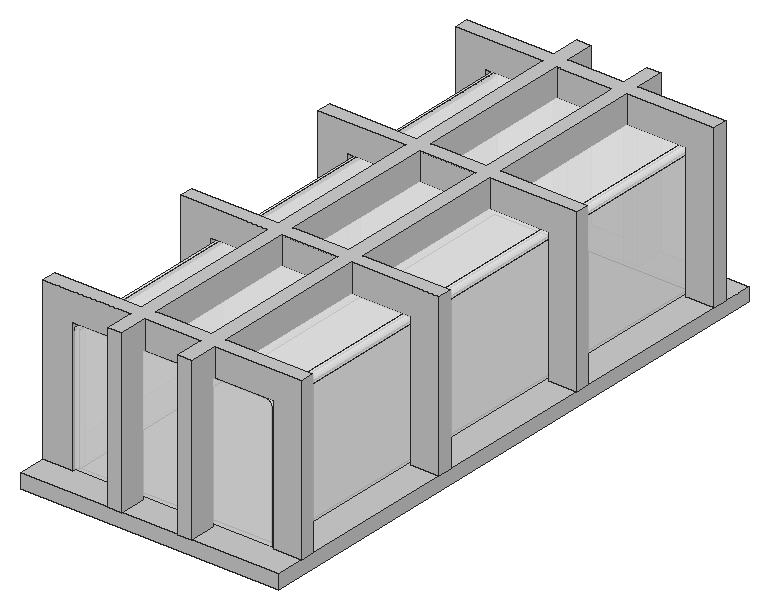
Revit family "2-710-224 Telshor", category Lighting Fixtures, Revit 2014
Parameters
  Wattage = 12.1986 W
  built-in parameter 1150110 = 1 (stored number, unit not read)
  URL = "http://www.oxygenlighting.com"
  Type Comments = "Lighting - Fluorescent"
  built-in parameter 1114217 = 1 (stored number, unit not read)
  Tilt Angle = -90.00°
  built-in parameter 1150109 = 1 (stored number, unit not read)
  built-in parameter 1150134 = (empty or 0)
  built-in parameter 1150113 = 1 (stored number, unit not read)
  Product Documentation Linkk = "http://oxygenlighting.com.s3.amazonaws.com/downloads/cutsheets/2-710-xxx.pdf"
  Photometric Web File = "2-710-224 Telshor ITL79825.IES"
  Model = "2-710-224"
  Metal Finsih = Satin Finish
  Manufacturer = "Oxygen Lighting"
  built-in parameter 1150105 = 144.19 (stored number, unit not read)
  Lumens = 1812 lm
  built-in parameter 1150115 = 1 (stored number, unit not read)
  built-in parameter 1150137 = (empty or 0)
  built-in parameter 1150139 = (empty or 0)
  built-in parameter 1150112 = 1 (stored number, unit not read)
  Lamp Manufacturer = "Sylvania"
  built-in parameter 1150114 = 1 (stored number, unit not read)
  Lamp = "2x13W Double Twin Tube Compact Fluorescent"
  Junction Box = "4\" Octagonal"
  Input Voltage (Volts AC) = "120"
  Input Power Factor (%) = "99"
  Input Power (Watts) = "27.5"
  Input Current (Amps AC) = ""
  built-in parameter 1150132 = 2
  built-in parameter 1150102 = (empty or 0)
  built-in parameter 1150107 = 3000 (stored number, unit not read)
  built-in parameter 1150138 = (empty or 0)
  built-in parameter 1150106 = 1.4419 (stored number, unit not read)
  Fixture Width [instance] = 0' - 7.24997"
  Fixture Height = 1' - 4.45938"
  Emit from Rectangle Width = 2' - 0"
  Emit from Rectangle Length = 4' - 0"
  Emit Shape Visible in Rendering = no
  Efficacy (lm/W) = ""
  built-in parameter 1150104 = 13.8 (stored number, unit not read)
  Driver Manufacturer = "Fulham"
  Dimming Lamp Color Temperature Shift = <None>
  Diffuser = Matte White Accrylic
  Description = "15\" Comtemporary Wall Sconce"
  Default Elevation = 4' - 0"
  Color Filter = 16777215
  built-in parameter 1114218 = 1 (stored number, unit not read)
  built-in parameter 1150133 = 10 (stored number, unit not read)
  Apparent Load = 27.5 VA
  ADA Compliant = yes
Reference planes (in)
  plane 1 "Light Source Axis (F/B)": y = 0
  plane 2: z = 0
  plane 3 "Light Source Axis (L/R)": x = 0
  plane 4 "Light Source Elevation": z = 3.75
  plane 5: z = 3.75
  plane 6: y = 8.22969
  plane 7: y = -8.22969
  plane 8: x = -3.62498
  plane 9: x = 3.62498
  plane 10: z = 4.89862
  plane 11: z = 3.75
  plane 12: y = 8.22969
  plane 13: y = -8.22969
  plane 14: x = -3.62498
  plane 15: x = 3.62498
  plane 16: z = 4.89862
Forms (in)
  Extrusion 1, solid, material "Satin Finish" <- "Metal Finsih", not visible
    sketch origin (0, 0, 0) x (0, 1, 0) y (0, 0, 1)
      loop
        line (-8.47884, 1.71875) -> (-8.47884, 0.34375) -> (-7.10384, 0.34375) -> (-7.10384, 1.09375) -> (-8.21875, 1.09375) -> (-8.21875, 1.21875) -> (-7.10384, 1.21875) -> (-7.10384, 1.71875) -> (-8.47884, 1.71875)
    from -0.6875 to 0.6875
  Extrusion 2, solid, material "Satin Finish" <- "Metal Finsih", not visible
    sketch origin (0, 0, 0) x (1, 0, 0) y (0, 1, 0)
      loop
        line (-6.8125, 4.40625) -> (-6.8125, -8.21875) -> (-0.12438, -8.21875) -> (6.8125, -8.21875) -> (6.8125, 4.40625) -> (4.8125, 4.40625) -> (4.8125, -6.34375) -> (-4.8125, -6.34375) -> (-4.8125, 4.40625) -> (-6.8125, 4.40625)
    from 1.125 to 1.1875
  Extrusion 3, solid, material "Matte White Accrylic" <- "Diffuser", not visible
    sketch origin (0, 0, 0) x (1, 0, 0) y (0, 0, 1)
      loop
        line (4.8125, 0) -> (4.9375, 0) -> (4.9375, 3.75) -> (-4.9375, 3.75) -> (-4.9375, 0) -> (-4.8125, 0) -> (-4.8125, 3.625) -> (4.8125, 3.625) -> (4.8125, 0)
    from -6.40625 to 6.34375
  Extrusion 4, solid, not visible
    sketch origin (0, 0, 0) x (1, 0, 0) y (0, 0, 1)
      loop
        line (4.3125, 0.0625) -> (4.3125, 3.0625) -> (-4.3125, 3.0625) -> (-4.3125, 0.0625) -> (4.3125, 0.0625)
      loop
        line (3.9375, 2.6875) -> (-3.9375, 2.6875) -> (-3.9375, 2.5) -> (3.9375, 2.5) -> (3.9375, 2.6875)
      loop
        line (3.9375, 2) -> (-3.9375, 2) -> (-3.9375, 1.8125) -> (3.9375, 1.8125) -> (3.9375, 2)
      loop
        line (3.9375, 1.3125) -> (-3.9375, 1.3125) -> (-3.9375, 1.125) -> (3.9375, 1.125) -> (3.9375, 1.3125)
      loop
        line (3.9375, 0.625) -> (-3.9375, 0.625) -> (-3.9375, 0.4375) -> (3.9375, 0.4375) -> (3.9375, 0.625)
    from -5.59375 to -5.46875
  Extrusion 5, solid, material "Satin Finish" <- "Metal Finsih", not visible
    sketch origin (0, 0, 0) x (0, 1, 0) y (0, 0, 1)
      loop
        line (3.53125, 1.125) -> (2.6612, 1.125) -> (2.6612, 0) -> (3.53125, 0) -> (3.53125, 1.125)
      loop
        line (-4.34375, 1.125) -> (-5.23315, 1.125) -> (-5.23315, 0) -> (-4.34375, 0) -> (-4.34375, 1.125)
    from 4.9375 to 5
  Extrusion 6, solid, material "Satin Finish" <- "Metal Finsih", not visible
    sketch origin (0, 0, 0) x (0, 1, 0) y (0, 0, 1)
      loop
        circle (3.09375, 0.34386) r 0.11795
      loop
        circle (-4.78125, 0.34386) r 0.11795
    from 5 to 5.27859
  Extrusion 7, solid, material "Satin Finish" <- "Metal Finsih", not visible
    sketch origin (0, 0, 0) x (0, 1, 0) y (0, 0, -1)
      loop
        line (3.53125, -1.125) -> (3.53125, 0) -> (2.6612, 0) -> (2.6612, -1.125) -> (3.53125, -1.125)
      loop
        line (-4.34375, -1.125) -> (-4.34375, 0) -> (-5.23315, 0) -> (-5.23315, -1.125) -> (-4.34375, -1.125)
    from 4.9375 to 5
  Extrusion 8, solid, material "Satin Finish" <- "Metal Finsih", not visible
    sketch origin (0, 0, 0) x (0, 1, 0) y (0, 0, -1)
      loop
        circle (3.09375, -0.34386) r 0.11795
      loop
        circle (-4.78125, -0.34386) r 0.11795
    from 5 to 5.27859
  Extrusion 9, solid, material "Satin Finish" <- "Metal Finsih", not visible
    sketch origin (0, 0, 0) x (1, 0, 0) y (0, 0, 1)
      loop
        line (4.71875, 1.125) -> (4.71875, 0.0625) -> (-4.71875, 0.0625) -> (-4.71875, 1.125) -> (-4.78125, 1.125) -> (-4.78125, 0) -> (4.78125, 0) -> (4.78125, 1.125) -> (4.71875, 1.125)
    from -5.53125 to 5.53125
  Extrusion 10, solid, not visible
    sketch origin (0, 0, 0) x (1, 0, 0) y (0, 0, 1)
      loop
        line (4.3125, 0.0625) -> (4.3125, 3.0625) -> (-4.3125, 3.0625) -> (-4.3125, 0.0625) -> (4.3125, 0.0625)
      loop
        line (3.9375, 2.6875) -> (-3.9375, 2.6875) -> (-3.9375, 2.5) -> (3.9375, 2.5) -> (3.9375, 2.6875)
      loop
        line (3.9375, 2) -> (-3.9375, 2) -> (-3.9375, 1.8125) -> (3.9375, 1.8125) -> (3.9375, 2)
      loop
        line (3.9375, 1.3125) -> (-3.9375, 1.3125) -> (-3.9375, 1.125) -> (3.9375, 1.125) -> (3.9375, 1.3125)
      loop
        line (3.9375, 0.625) -> (-3.9375, 0.625) -> (-3.9375, 0.4375) -> (3.9375, 0.4375) -> (3.9375, 0.625)
    from -5.59375 to -5.46875
  Extrusion 11, solid, not visible
    sketch origin (0, 0, 0) x (1, 0, 0) y (0, 0, -1)
      loop
        line (4.3125, -0.0625) -> (-4.3125, -0.0625) -> (-4.3125, -3.0625) -> (4.3125, -3.0625) -> (4.3125, -0.0625)
      loop
        line (3.9375, -2.6875) -> (3.9375, -2.5) -> (-3.9375, -2.5) -> (-3.9375, -2.6875) -> (3.9375, -2.6875)
      loop
        line (3.9375, -2) -> (3.9375, -1.8125) -> (-3.9375, -1.8125) -> (-3.9375, -2) -> (3.9375, -2)
      loop
        line (3.9375, -1.3125) -> (3.9375, -1.125) -> (-3.9375, -1.125) -> (-3.9375, -1.3125) -> (3.9375, -1.3125)
      loop
        line (3.9375, -0.625) -> (3.9375, -0.4375) -> (-3.9375, -0.4375) -> (-3.9375, -0.625) -> (3.9375, -0.625)
    from -5.59375 to -5.46875
  Extrusion 12, solid, material "Satin Finish" <- "Metal Finsih"
    sketch origin (0, 0, 0) x (1, 0, 0) y (0, 0, 1)
      loop
        line (3.62498, 0.39189) -> (3.62498, 4.89862) -> (-3.62498, 4.89862) -> (-3.62498, 0.39189) -> (-2.78242, 0.39189) -> (-2.78242, 4.11484) -> (2.8412, 4.11484) -> (2.8412, 0.39189) -> (3.62498, 0.39189)
    from -7.42632 to -7.03443
  Extrusion 13, solid, material "Satin Finish" <- "Metal Finsih"
    sketch origin (0, -4.82025, 0) x (1, 0, 0) y (0, 0, 1)
      loop
        line (3.62498, 0.39189) -> (3.62498, 4.89862) -> (-3.62498, 4.89862) -> (-3.62498, 0.39189) -> (-2.78242, 0.39189) -> (-2.78242, 4.11484) -> (2.8412, 4.11484) -> (2.8412, 0.39189) -> (3.62498, 0.39189)
    from -7.42632 to -7.03443
  Extrusion 14, solid, material "Satin Finish" <- "Metal Finsih"
    sketch origin (0, -9.64049, 0) x (1, 0, 0) y (0, 0, 1)
      loop
        line (3.62498, 0.39189) -> (3.62498, 4.89862) -> (-3.62498, 4.89862) -> (-3.62498, 0.39189) -> (-2.78242, 0.39189) -> (-2.78242, 4.11484) -> (2.8412, 4.11484) -> (2.8412, 0.39189) -> (3.62498, 0.39189)
    from -7.42632 to -7.03443
  Extrusion 15, solid, material "Satin Finish" <- "Metal Finsih"
    sketch origin (0, -14.46074, 0) x (1, 0, 0) y (0, 0, 1)
      loop
        line (3.62498, 0.39189) -> (3.62498, 4.89862) -> (-3.62498, 4.89862) -> (-3.62498, 0.39189) -> (-2.78242, 0.39189) -> (-2.78242, 4.11484) -> (2.8412, 4.11484) -> (2.8412, 0.39189) -> (3.62498, 0.39189)
    from -7.42632 to -7.03443
  Extrusion 16, solid, material "Satin Finish" <- "Metal Finsih"
    sketch origin (0, 0, 0) x (1, 0, 0) y (0, 1, 0)
      loop
        line (-3.62498, 8.22969) -> (-3.62498, -8.22969) -> (3.62498, -8.22969) -> (3.62498, 8.22969) -> (-3.62498, 8.22969)
    from 0 to 0.39189
  Extrusion 17, solid, material "Satin Finish" <- "Metal Finsih"
    sketch origin (0, 0, 0) x (0, 1, 0) y (0, 0, 1)
      loop
        line (8.22969, 0.39189) -> (8.22969, 4.89862) -> (-8.22969, 4.89862) -> (-8.22969, 0.39189) -> (-7.4851, 0.39189) -> (-7.4851, 4.11485) -> (7.42632, 4.11485) -> (7.42632, 0.39189) -> (8.22969, 0.39189)
    from -1.17567 to -0.78378
  Extrusion 18, solid, material "Satin Finish" <- "Metal Finsih"
    sketch origin (1.95945, 0, 0) x (0, 1, 0) y (0, 0, 1)
      loop
        line (8.22969, 0.39189) -> (8.22969, 4.89862) -> (-8.22969, 4.89862) -> (-8.22969, 0.39189) -> (-7.4851, 0.39189) -> (-7.4851, 4.11485) -> (7.42632, 4.11485) -> (7.42632, 0.39189) -> (8.22969, 0.39189)
    from -1.17567 to -0.78378
  Extrusion 19, solid, material "Matte White Accrylic" <- "Diffuser"
    sketch origin (0, 0, 0) x (1, 0, 0) y (0, 0, 1)
      loop
        arc (2.78242, 3.87971) -> (2.72503, 4.01827) -> (2.58647, 4.07566) r 0.19595
        line (2.58647, 4.07566) -> (-2.58647, 4.07566)
        arc (-2.58647, 4.07566) -> (-2.72503, 4.01827) -> (-2.78242, 3.87971) r 0.19594
        line (-2.78242, 3.87971) -> (-2.78242, 0.39189) -> (-2.70404, 0.39189) -> (-2.70404, 3.87971)
        arc (-2.70404, 3.87971) -> (-2.66961, 3.96284) -> (-2.58647, 3.99728) r 0.11757
        line (-2.58647, 3.99728) -> (2.58647, 3.99728)
        arc (2.58647, 3.99728) -> (2.66961, 3.96284) -> (2.70404, 3.87971) r 0.11757
        line (2.70404, 3.87971) -> (2.70404, 0.39189) -> (2.78242, 0.39189) -> (2.78242, 3.87971)
    from -7.30875 to 7.30875
  Extrusion 20, solid, material "Matte White Accrylic" <- "Diffuser"
    sketch origin (0, 0, 0) x (1, 0, 0) y (0, 0, 1)
      loop
        arc (2.78242, 3.87971) -> (2.72503, 4.01827) -> (2.58647, 4.07566) r 0.19595
        line (2.58647, 4.07566) -> (-2.58647, 4.07566)
        arc (-2.58647, 4.07566) -> (-2.72503, 4.01827) -> (-2.78242, 3.87971) r 0.19594
        line (-2.78242, 3.87971) -> (-2.78242, 0.39189) -> (2.78242, 0.39189) -> (2.78242, 3.87971)
    from 7.24997 to 7.38713
  Extrusion 21, solid, material "Matte White Accrylic" <- "Diffuser"
    sketch origin (0, 14.63709, 0) x (1, 0, 0) y (0, 0, 1)
      loop
        arc (2.78242, 3.87971) -> (2.72503, 4.01827) -> (2.58647, 4.07566) r 0.19595
        line (2.58647, 4.07566) -> (-2.58647, 4.07566)
        arc (-2.58647, 4.07566) -> (-2.72503, 4.01827) -> (-2.78242, 3.87971) r 0.19594
        line (-2.78242, 3.87971) -> (-2.78242, 0.39189) -> (2.78242, 0.39189) -> (2.78242, 3.87971)
    from 7.24997 to 7.38713
  Extrusion 22, solid, material "Satin Finish" <- "Metal Finsih", not visible
    sketch origin (0, 0, 0) x (1, 0, 0) y (0, 0, 1)
      loop
        line (3.62498, 0.39189) -> (3.62498, 4.89862) -> (-3.62498, 4.89862) -> (-3.62498, 0.39189) -> (-2.78242, 0.39189) -> (-2.78242, 4.11484) -> (2.8412, 4.11484) -> (2.8412, 0.39189) -> (3.62498, 0.39189)
    from -7.42632 to -7.03443
  Extrusion 23, solid, material "Satin Finish" <- "Metal Finsih", not visible
    sketch origin (0, -4.82025, 0) x (1, 0, 0) y (0, 0, 1)
      loop
        line (3.62498, 0.39189) -> (3.62498, 4.89862) -> (-3.62498, 4.89862) -> (-3.62498, 0.39189) -> (-2.78242, 0.39189) -> (-2.78242, 4.11484) -> (2.8412, 4.11484) -> (2.8412, 0.39189) -> (3.62498, 0.39189)
    from -7.42632 to -7.03443
  Extrusion 24, solid, material "Satin Finish" <- "Metal Finsih", not visible
    sketch origin (0, -9.64049, 0) x (1, 0, 0) y (0, 0, 1)
      loop
        line (3.62498, 0.39189) -> (3.62498, 4.89862) -> (-3.62498, 4.89862) -> (-3.62498, 0.39189) -> (-2.78242, 0.39189) -> (-2.78242, 4.11484) -> (2.8412, 4.11484) -> (2.8412, 0.39189) -> (3.62498, 0.39189)
    from -7.42632 to -7.03443
  Extrusion 25, solid, material "Satin Finish" <- "Metal Finsih", not visible
    sketch origin (0, -14.46074, 0) x (1, 0, 0) y (0, 0, 1)
      loop
        line (3.62498, 0.39189) -> (3.62498, 4.89862) -> (-3.62498, 4.89862) -> (-3.62498, 0.39189) -> (-2.78242, 0.39189) -> (-2.78242, 4.11484) -> (2.8412, 4.11484) -> (2.8412, 0.39189) -> (3.62498, 0.39189)
    from -7.42632 to -7.03443
  Extrusion 26, solid, material "Satin Finish" <- "Metal Finsih", not visible
    sketch origin (0, 0, 0) x (1, 0, 0) y (0, 1, 0)
      loop
        line (-3.62498, 8.22969) -> (-3.62498, -8.22969) -> (3.62498, -8.22969) -> (3.62498, 8.22969) -> (-3.62498, 8.22969)
    from 0 to 0.39189
  Extrusion 27, solid, material "Satin Finish" <- "Metal Finsih", not visible
    sketch origin (0, 0, 0) x (0, 1, 0) y (0, 0, 1)
      loop
        line (8.22969, 0.39189) -> (8.22969, 4.89862) -> (-8.22969, 4.89862) -> (-8.22969, 0.39189) -> (-7.4851, 0.39189) -> (-7.4851, 4.11485) -> (7.42632, 4.11485) -> (7.42632, 0.39189) -> (8.22969, 0.39189)
    from -1.17567 to -0.78378
  Extrusion 28, solid, material "Satin Finish" <- "Metal Finsih", not visible
    sketch origin (1.95945, 0, 0) x (0, 1, 0) y (0, 0, 1)
      loop
        line (8.22969, 0.39189) -> (8.22969, 4.89862) -> (-8.22969, 4.89862) -> (-8.22969, 0.39189) -> (-7.4851, 0.39189) -> (-7.4851, 4.11485) -> (7.42632, 4.11485) -> (7.42632, 0.39189) -> (8.22969, 0.39189)
    from -1.17567 to -0.78378
  Extrusion 29, solid, material "Matte White Accrylic" <- "Diffuser", not visible
    sketch origin (0, 0, 0) x (1, 0, 0) y (0, 0, 1)
      loop
        arc (2.78242, 3.87971) -> (2.72503, 4.01827) -> (2.58647, 4.07566) r 0.19595
        line (2.58647, 4.07566) -> (-2.58647, 4.07566)
        arc (-2.58647, 4.07566) -> (-2.72503, 4.01827) -> (-2.78242, 3.87971) r 0.19594
        line (-2.78242, 3.87971) -> (-2.78242, 0.39189) -> (-2.70404, 0.39189) -> (-2.70404, 3.87971)
        arc (-2.70404, 3.87971) -> (-2.66961, 3.96284) -> (-2.58647, 3.99728) r 0.11757
        line (-2.58647, 3.99728) -> (2.58647, 3.99728)
        arc (2.58647, 3.99728) -> (2.66961, 3.96284) -> (2.70404, 3.87971) r 0.11757
        line (2.70404, 3.87971) -> (2.70404, 0.39189) -> (2.78242, 0.39189) -> (2.78242, 3.87971)
    from -7.30875 to 7.30875
  Extrusion 30, solid, material "Matte White Accrylic" <- "Diffuser", not visible
    sketch origin (0, 0, 0) x (1, 0, 0) y (0, 0, 1)
      loop
        arc (2.78242, 3.87971) -> (2.72503, 4.01827) -> (2.58647, 4.07566) r 0.19595
        line (2.58647, 4.07566) -> (-2.58647, 4.07566)
        arc (-2.58647, 4.07566) -> (-2.72503, 4.01827) -> (-2.78242, 3.87971) r 0.19594
        line (-2.78242, 3.87971) -> (-2.78242, 0.39189) -> (2.78242, 0.39189) -> (2.78242, 3.87971)
    from 7.24997 to 7.38713
  Extrusion 31, solid, material "Matte White Accrylic" <- "Diffuser", not visible
    sketch origin (0, 14.63709, 0) x (1, 0, 0) y (0, 0, 1)
      loop
        arc (2.78242, 3.87971) -> (2.72503, 4.01827) -> (2.58647, 4.07566) r 0.19595
        line (2.58647, 4.07566) -> (-2.58647, 4.07566)
        arc (-2.58647, 4.07566) -> (-2.72503, 4.01827) -> (-2.78242, 3.87971) r 0.19594
        line (-2.78242, 3.87971) -> (-2.78242, 0.39189) -> (2.78242, 0.39189) -> (2.78242, 3.87971)
    from 7.24997 to 7.38713
Cuts and joins
  joined: Extrusion 12, Extrusion 13, Extrusion 14, Extrusion 15, Extrusion 17, Extrusion 18
Dimensions and locks (in)
  locked: plane 5 to level at 3.75
  "Fixture Height": plane 6 to plane 7
  equal spacing: plane 6, plane 1 "Light Source Axis (F/B)", plane 7, locked at 8.22969 each
  "Fixture Width": plane 8 to plane 9
  plane 8 to plane 3 "Light Source Axis (L/R)" to plane 9 = 0' - 3 5/8" locked, 0' - 3 5/8" locked
  aligned and locked: level to plane 2
Automatic sketch dimensions
  Extrusion 1 sketch curve to Extrusion 1 sketch curve = 0' - 0"
  Extrusion 1 sketch curve to Extrusion 1 sketch curve = 0' - 0 3/4"
  Extrusion 1 sketch curve to Extrusion 1 sketch curve = 0' - 0 1/8"
  Extrusion 1 sketch curve to Extrusion 1 sketch curve = 0' - 0 1/2"
  Extrusion 3 sketch curve to Extrusion 3 sketch curve = 0' - 0 1/8"  (x3)
  Extrusion 4 sketch curve to Extrusion 4 sketch curve = 0' - 0 3/8"  (x5)
  Extrusion 4 sketch curve to Extrusion 4 sketch curve = 0' - 0"  (x5)
  Extrusion 4 sketch curve to Extrusion 4 sketch curve = 0' - 0 3/16"  (x4)
  Extrusion 4 sketch curve to Extrusion 4 sketch curve = 0' - 0 1/2"  (x3)
  Extrusion 5 sketch curve to Extrusion 5 sketch curve = 0' - 0.8894"
  Extrusion 5 sketch curve to Extrusion 5 sketch curve = 0' - 0.87005"
  Extrusion 7 sketch curve to Extrusion 7 sketch curve = 0' - 0.8894"
  Extrusion 7 sketch curve to Extrusion 7 sketch curve = 0' - 0.87005"
  Extrusion 9 sketch curve to Extrusion 9 sketch curve = 0' - 0 1/16"  (x3)
  Extrusion 9 sketch curve to Extrusion 9 sketch curve = 0' - 1 1/16"  (x2)
  Extrusion 10 sketch curve to Extrusion 10 sketch curve = 0' - 0 3/8"  (x5)
  Extrusion 10 sketch curve to Extrusion 10 sketch curve = 0' - 0"  (x5)
  Extrusion 10 sketch curve to Extrusion 10 sketch curve = 0' - 0 3/16"  (x4)
  Extrusion 10 sketch curve to Extrusion 10 sketch curve = 0' - 0 1/2"  (x3)
  Extrusion 11 sketch curve to Extrusion 11 sketch curve = 0' - 0 3/8"  (x5)
  Extrusion 11 sketch curve to Extrusion 11 sketch curve = 0' - 0"  (x5)
  Extrusion 11 sketch curve to Extrusion 11 sketch curve = 0' - 0 3/16"  (x4)
  Extrusion 11 sketch curve to Extrusion 11 sketch curve = 0' - 0 1/2"  (x3)
  Extrusion 1 sketch curve to Extrusion 1 sketch curve = 0' - 0.26009"
  Extrusion 1 sketch curve to Extrusion 1 sketch curve = 0' - 1.11491"
  Extrusion 2 sketch curve to Extrusion 2 sketch curve = 0' - 2"  (x2)
  Extrusion 2 sketch curve to Extrusion 2 sketch curve = 0' - 4.68812"
  Extrusion 2 sketch curve to Extrusion 2 sketch curve = 0' - 4.93688"
  Extrusion 2 sketch curve to Extrusion 2 sketch curve = 0' - 1 7/8"
  Extrusion 2 sketch curve to Extrusion 2 sketch curve = 0' - 10 3/4"  (x2)
  Extrusion 3 sketch curve to Extrusion 3 sketch curve = 0' - 9 5/8"
  Extrusion 3 sketch curve to Extrusion 3 sketch curve = 0' - 0"
  Extrusion 3 sketch curve to Extrusion 3 sketch curve = 0' - 3 5/8"
  Extrusion 4 sketch curve to Extrusion 4 sketch curve = 0' - 7 7/8"
  Extrusion 5 sketch curve to Extrusion 5 sketch curve = 0' - 7.00495"
  Extrusion 5 sketch curve to Extrusion 5 sketch curve = 0' - 0"
  Extrusion 5 sketch curve to Extrusion 5 sketch curve = 0' - 1 1/8"  (x2)
  Extrusion 6 sketch curve to Extrusion 6 sketch curve = 0' - 7 7/8"
  Extrusion 6 sketch curve to Extrusion 6 sketch curve = 0' - 0"
  Extrusion 7 sketch curve to Extrusion 7 sketch curve = 0' - 7.00495"
  Extrusion 7 sketch curve to Extrusion 7 sketch curve = 0' - 0"
  Extrusion 7 sketch curve to Extrusion 7 sketch curve = 0' - 1 1/8"  (x2)
  Extrusion 8 sketch curve to Extrusion 8 sketch curve = 0' - 7 7/8"
  Extrusion 8 sketch curve to Extrusion 8 sketch curve = 0' - 0"
  Extrusion 9 sketch curve to Extrusion 9 sketch curve = 0' - 9 7/16"
  Extrusion 10 sketch curve to Extrusion 10 sketch curve = 0' - 7 7/8"
  Extrusion 11 sketch curve to Extrusion 11 sketch curve = 0' - 7 7/8"
  Extrusion 12 sketch curve to Extrusion 12 sketch curve = 0' - 0.78378"  (x2)
  Extrusion 13 sketch curve to Extrusion 13 sketch curve = 0' - 0.78378"  (x2)
  Extrusion 14 sketch curve to Extrusion 14 sketch curve = 0' - 0.78378"  (x2)
  Extrusion 15 sketch curve to Extrusion 15 sketch curve = 0' - 0.78378"  (x2)
  Extrusion 17 sketch curve to Extrusion 17 sketch curve = 0' - 0.74459"
  Extrusion 18 sketch curve to Extrusion 18 sketch curve = 0' - 0.74459"
  Extrusion 19 sketch curve to Extrusion 19 sketch curve = 0' - 0"  (x9)
  Extrusion 19 sketch curve to Extrusion 19 sketch curve = 0' - 0.07838"
  Extrusion 19 sketch curve to Extrusion 19 sketch curve = 0' - 0.11757"  (x2)
  Extrusion 20 sketch curve to Extrusion 20 sketch curve = 0' - 0.19594"  (x2)
  Extrusion 21 sketch curve to Extrusion 21 sketch curve = 0' - 0.19594"  (x2)
  Extrusion 12 sketch curve to Extrusion 12 sketch curve = 0' - 0.84256"
  Extrusion 12 sketch curve to Extrusion 12 sketch curve = 0' - 5.62362"
  Extrusion 12 sketch curve to Extrusion 12 sketch curve = 0' - 0"
  Extrusion 12 sketch curve to Extrusion 12 sketch curve = 0' - 3.72295"
  Extrusion 13 sketch curve to Extrusion 13 sketch curve = 0' - 0.84256"
  Extrusion 13 sketch curve to Extrusion 13 sketch curve = 0' - 5.62362"
  Extrusion 13 sketch curve to Extrusion 13 sketch curve = 0' - 0"
  Extrusion 13 sketch curve to Extrusion 13 sketch curve = 0' - 3.72295"
  Extrusion 14 sketch curve to Extrusion 14 sketch curve = 0' - 0.84256"
  Extrusion 14 sketch curve to Extrusion 14 sketch curve = 0' - 5.62362"
  Extrusion 14 sketch curve to Extrusion 14 sketch curve = 0' - 0"
  Extrusion 14 sketch curve to Extrusion 14 sketch curve = 0' - 3.72295"
  Extrusion 15 sketch curve to Extrusion 15 sketch curve = 0' - 0.84256"
  Extrusion 15 sketch curve to Extrusion 15 sketch curve = 0' - 5.62362"
  Extrusion 15 sketch curve to Extrusion 15 sketch curve = 0' - 0"
  Extrusion 15 sketch curve to Extrusion 15 sketch curve = 0' - 3.72295"
  Extrusion 16 sketch curve to Extrusion 16 sketch curve = 0' - 7.24996"
  Extrusion 16 sketch curve to Extrusion 16 sketch curve = 1' - 4.45938"
  Extrusion 17 sketch curve to Extrusion 17 sketch curve = 1' - 2.91141"
  Extrusion 17 sketch curve to Extrusion 17 sketch curve = 0' - 0.80337"
  Extrusion 17 sketch curve to Extrusion 17 sketch curve = 0' - 0"
  Extrusion 17 sketch curve to Extrusion 17 sketch curve = 0' - 3.72296"
  Extrusion 17 sketch curve to Extrusion 17 sketch curve = 0' - 0.78378"
  Extrusion 18 sketch curve to Extrusion 18 sketch curve = 1' - 2.91141"
  Extrusion 18 sketch curve to Extrusion 18 sketch curve = 0' - 0.80337"
  Extrusion 18 sketch curve to Extrusion 18 sketch curve = 0' - 0"
  Extrusion 18 sketch curve to Extrusion 18 sketch curve = 0' - 3.72296"
  Extrusion 18 sketch curve to Extrusion 18 sketch curve = 0' - 0.78378"
  Extrusion 19 sketch curve to Extrusion 19 sketch curve = 0' - 5.17295"
  Extrusion 19 sketch curve to Extrusion 19 sketch curve = 0' - 3.48782"
  Extrusion 20 sketch curve to Extrusion 20 sketch curve = 0' - 5.17295"
  Extrusion 20 sketch curve to Extrusion 20 sketch curve = 0' - 3.48782"
  Extrusion 21 sketch curve to Extrusion 21 sketch curve = 0' - 5.17295"
  Extrusion 21 sketch curve to Extrusion 21 sketch curve = 0' - 3.48782"
  Extrusion 22 sketch curve to Extrusion 22 sketch curve = 0' - 0.78378"  (x2)
  Extrusion 23 sketch curve to Extrusion 23 sketch curve = 0' - 0.78378"  (x2)
  Extrusion 24 sketch curve to Extrusion 24 sketch curve = 0' - 0.78378"  (x2)
  Extrusion 25 sketch curve to Extrusion 25 sketch curve = 0' - 0.78378"  (x2)
  Extrusion 27 sketch curve to Extrusion 27 sketch curve = 0' - 0.74459"
  Extrusion 28 sketch curve to Extrusion 28 sketch curve = 0' - 0.74459"
  Extrusion 29 sketch curve to Extrusion 29 sketch curve = 0' - 0"  (x9)
  Extrusion 29 sketch curve to Extrusion 29 sketch curve = 0' - 0.07838"
  Extrusion 29 sketch curve to Extrusion 29 sketch curve = 0' - 0.11757"  (x2)
  Extrusion 30 sketch curve to Extrusion 30 sketch curve = 0' - 0.19594"  (x2)
  Extrusion 31 sketch curve to Extrusion 31 sketch curve = 0' - 0.19594"  (x2)
  Extrusion 22 sketch curve to Extrusion 22 sketch curve = 0' - 0.84256"
  Extrusion 22 sketch curve to Extrusion 22 sketch curve = 0' - 5.62362"
  Extrusion 22 sketch curve to Extrusion 22 sketch curve = 0' - 0"
  Extrusion 22 sketch curve to Extrusion 22 sketch curve = 0' - 3.72295"
  Extrusion 23 sketch curve to Extrusion 23 sketch curve = 0' - 0.84256"
  Extrusion 23 sketch curve to Extrusion 23 sketch curve = 0' - 5.62362"
  Extrusion 23 sketch curve to Extrusion 23 sketch curve = 0' - 0"
  Extrusion 23 sketch curve to Extrusion 23 sketch curve = 0' - 3.72295"
  Extrusion 24 sketch curve to Extrusion 24 sketch curve = 0' - 0.84256"
  Extrusion 24 sketch curve to Extrusion 24 sketch curve = 0' - 5.62362"
  Extrusion 24 sketch curve to Extrusion 24 sketch curve = 0' - 0"
  Extrusion 24 sketch curve to Extrusion 24 sketch curve = 0' - 3.72295"
  Extrusion 25 sketch curve to Extrusion 25 sketch curve = 0' - 0.84256"
  Extrusion 25 sketch curve to Extrusion 25 sketch curve = 0' - 5.62362"
  Extrusion 25 sketch curve to Extrusion 25 sketch curve = 0' - 0"
  Extrusion 25 sketch curve to Extrusion 25 sketch curve = 0' - 3.72295"
  Extrusion 26 sketch curve to Extrusion 26 sketch curve = 0' - 7.24996"
  Extrusion 26 sketch curve to Extrusion 26 sketch curve = 1' - 4.45938"
  Extrusion 27 sketch curve to Extrusion 27 sketch curve = 1' - 2.91141"
  Extrusion 27 sketch curve to Extrusion 27 sketch curve = 0' - 0.80337"
  Extrusion 27 sketch curve to Extrusion 27 sketch curve = 0' - 0"
  Extrusion 27 sketch curve to Extrusion 27 sketch curve = 0' - 3.72296"
  Extrusion 27 sketch curve to Extrusion 27 sketch curve = 0' - 0.78378"
  Extrusion 28 sketch curve to Extrusion 28 sketch curve = 1' - 2.91141"
  Extrusion 28 sketch curve to Extrusion 28 sketch curve = 0' - 0.80337"
  Extrusion 28 sketch curve to Extrusion 28 sketch curve = 0' - 0"
  Extrusion 28 sketch curve to Extrusion 28 sketch curve = 0' - 3.72296"
  Extrusion 28 sketch curve to Extrusion 28 sketch curve = 0' - 0.78378"
  Extrusion 29 sketch curve to Extrusion 29 sketch curve = 0' - 5.17295"
  Extrusion 29 sketch curve to Extrusion 29 sketch curve = 0' - 3.48782"
  Extrusion 30 sketch curve to Extrusion 30 sketch curve = 0' - 5.17295"
  Extrusion 30 sketch curve to Extrusion 30 sketch curve = 0' - 3.48782"
  Extrusion 31 sketch curve to Extrusion 31 sketch curve = 0' - 5.17295"
  Extrusion 31 sketch curve to Extrusion 31 sketch curve = 0' - 3.48782"
  radius of Extrusion 8 sketch curve = 0' - 0.11795"  (x2)
  radius of Extrusion 6 sketch curve = 0' - 0.11795"  (x2)
